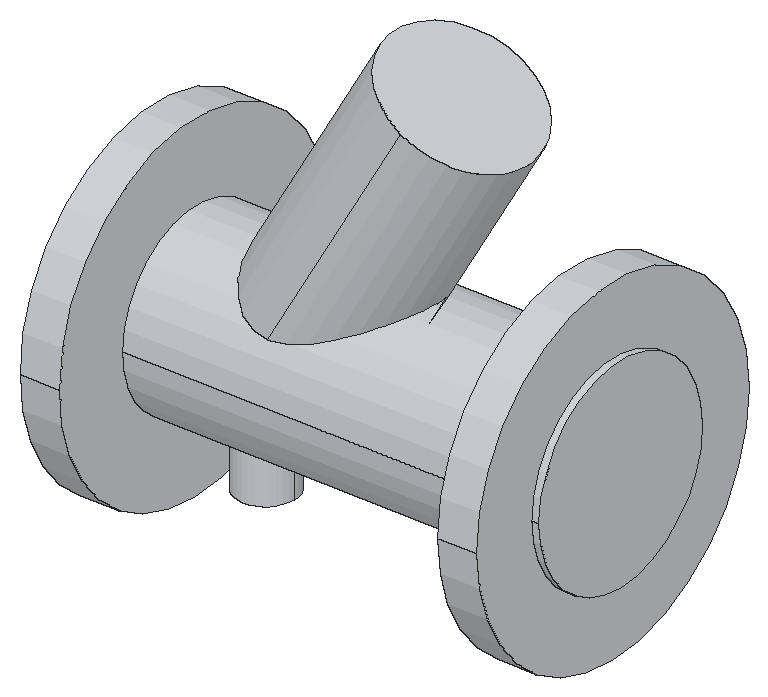
Revit family "HS 821-síto_jemné-PN16-DN050-RFA_2018", category Pipe Accessories, Revit 2018
Family settings
  Round Connector Dimension = Use Diameter
  Part Type = Breaks Into
  Work Plane-Based = No
  Always vertical = Yes
  Cut with Voids When Loaded = No
  Shared = No
Parameters (values of type "821A-DN050-PN16-síto_jemné")
  magiProductId = "8255d456a09e4f6486734f5dd9171b"
  magiProductFamilyId = "79214ac3aaa945e397802f559f5c1e"
  magiPartTypeId = 307
  isMeasuringValve [instance] = no
  ang2D [instance] = 0.00°
  ZB__ve = -ZB  # -26.75 mm
  ZB1 = 40.095 mm
  ZB = 26.75 mm
  X2 = 79.061 mm
  X1 = 32.2 mm
  W2D = 15 mm
  VersionID = "2.0/2017.9.26.1/ZETKAMA_821_001"
  Use Minimum Symbol Size [instance] = yes
  URL = "www.hydronix.cz"
  Type Comments = "Filtr přírubový; síto jemné; A-PN16 (-10~300°C); D-PN25 (-10~350°C); F-PN40 (-10~400°C)"
  S = 99 mm
  QmdConnectorList = "301;D;302;D"
  Productdata [instance] = ""
  Manufacturer = "Hydronix"
  MC Product Code = "210 150 (821A; DN050 PN16; kvs53,7; oko síta 0,63mm)"
  LM1 = 18.4 mm
  LM = 184 mm
  L4 = 57.5 mm
  L2D_Min = 3048 mm
  L2D = 130 mm
  L2 = 115 mm
  HH2 = 136.938 mm
  FD = 165 mm
  Description = "Filtr přírubový; síto jemné; 821A-PN16; 821D-PN25; 821F-PN40"
  DM1 = 73.8 mm
  DM = 89.1 mm
  D = 50 mm
  CC = 3.91 mm
  CAT0 = yes
  C1 = 19.09 mm
  C = 23 mm
  BD = 28.066 mm
Types (40, lengths in mm): name | magiProductId | ZB__ve | ZB1 | ZB | X2 | X1 | S | MC Product Code | LM1 | LM | L4 | L2 | HH2 | FD | DM1 | DM | D | CC | C1 | C | BD
  821A-DN015-PN16-síto_jemné | "a71bcfe8b393460598b23e8ddf7dc5" | -16.25 | 18.63 | 16.25 | 46.982 | 18.2 | 46 | "210 115 (821A; DN015; PN16; kvs6,2; oko síta 0,63mm)" | 10.4 | 104 | 32.5 | 65 | 81.375 | 95 | 27.6 | 41.4 | 15 | 2.21 | 10.79 | 13 | 13.041
  821A-DN020-PN16-síto_jemné | "41cd6c7a12924f4991217528336076" | -17.75 | 22.68 | 17.75 | 51.673 | 21 | 56 | "210 120 (821A; DN020; PN16; kvs9,6; oko síta 0,63mm)" | 12 | 120 | 37.5 | 75 | 89.5 | 105 | 33.6 | 50.4 | 20 | 2.55 | 12.45 | 15 | 15.876
  821A-DN025-PN16-síto_jemné | "be378b463ed14c3abf4c9b3ae8cf3a" | -19.25 | 26.325 | 19.25 | 58.601 | 22.4 | 65 | "210 125 (821A; DN025; PN16; kvs14,2; oko síta 0,63mm)" | 12.8 | 128 | 40 | 80 | 101.5 | 115 | 43.2 | 58.5 | 25 | 2.72 | 13.28 | 16 | 18.427
  821A-DN032-PN16-síto_jemné | "227a0d18b21540afabe8b6067d35fa" | -23 | 30.78 | 23 | 68.849 | 25.2 | 76 | "210 132 (821A; DN032; PN16; kvs23,1; oko síta 0,63mm)" | 14.4 | 144 | 45 | 90 | 119.25 | 140 | 50.4 | 68.4 | 32 | 3.06 | 14.94 | 18 | 21.546
  821A-DN040-PN16-síto_jemné | "d106917c74724141a10440112d0102" | -24.5 | 34.02 | 24.5 | 75.777 | 28 | 84 | "210 140 (821A; DN040; PN16; kvs36,6; oko síta 0,63mm)" | 16 | 160 | 50 | 100 | 131.25 | 150 | 60 | 75.6 | 40 | 3.4 | 16.6 | 20 | 23.814
  821A-DN050-PN16-síto_jemné | "8255d456a09e4f6486734f5dd9171b" | -26.75 | 40.095 | 26.75 | 79.061 | 32.2 | 99 | "210 150 (821A; DN050 PN16; kvs53,7; oko síta 0,63mm)" | 18.4 | 184 | 57.5 | 115 | 136.938 | 165 | 73.8 | 89.1 | 50 | 3.91 | 19.09 | 23 | 28.066
  821A-DN065-PN16-síto_jemné | "235b1b3e4c0843779a4d5e3716d40a" | -29.75 | 47.79 | 29.75 | 86.927 | 40.6 | 118 | "210 165 (821A; DN065; PN16; kvs95,1; oko síta 0,63mm)" | 23.2 | 232 | 72.5 | 145 | 150.562 | 185 | 94.2 | 106.2 | 65 | 4.93 | 24.07 | 29 | 33.453
  821A-DN080-PN16-síto_jemné | "a067f7c5236348ed8c820d16df7214" | -32 | 53.46 | 32 | 104.753 | 43.4 | 132 | "210 180 (821A; DN080; PN16; kvs137,1; oko síta 0,63mm)" | 24.8 | 248 | 77.5 | 155 | 181.438 | 200 | 107.4 | 118.8 | 80 | 5.27 | 25.73 | 31 | 37.422
  821A-DN100-PN16-síto_jemné | "c49a648c2747461285837d643703cd" | -35 | 63.18 | 35 | 114.857 | 49 | 156 | "210 190 (821A; DN100; PN16; kvs206,4; oko síta 0,63mm)" | 28 | 280 | 87.5 | 175 | 198.937 | 220 | 131.4 | 140.4 | 100 | 5.95 | 29.05 | 35 | 44.226
  821A-DN125-PN16-síto_jemné | "bf68e728a163493cbd2a663b26ebdc" | -39.5 | 74.52 | 39.5 | 131.888 | 56 | 184 | "210 191 (821A; DN125; PN16; kvs268,8; oko síta 0,63mm)" | 32 | 320 | 100 | 200 | 228.438 | 250 | 165 | 165.6 | 125 | 6.8 | 33.2 | 40 | 52.164
  821A-DN150-PN16-síto_jemné | "2de770284b654863ae6bc865769dc5" | -44.75 | 85.455 | 44.75 | 155.885 | 67.2 | 211 | "210 192 (821A; DN150; PN16; kvs401,4; oko síta 0,63mm)" | 38.4 | 384 | 120 | 240 | 270 | 285 | 192 | 189.9 | 150 | 8.16 | 39.84 | 48 | 59.818
  821A-DN200-PN16-síto_jemné | "8e5693371ab64aabb29a7f08c76e15" | -53 | 107.73 | 53 | 188.361 | 84 | 266 | "210 193 (821A; DN200; PN16; kvs706,7; oko síta 0,63mm)" | 48 | 480 | 150 | 300 | 326.25 | 340 | 252 | 239.4 | 200 | 10.2 | 49.8 | 60 | 75.411
  821A-DN250-PN16-síto_jemné | "05e37ed948c34047acdd4c42556504" | -62.75 | 129.195 | 62.75 | 255.911 | 102.2 | 319 | "210 194 (821A; DN250; PN16; kvs1229,4; oko síta 0,63mm)" | 58.4 | 584 | 182.5 | 365 | 443.25 | 405 | 309.6 | 287.1 | 250 | 12.41 | 60.59 | 73 | 90.436
  821A-DN300-PN16-síto_jemné | "9ad0af747269428da925480d83ce80" | -71 | 149.85 | 71 | 325.914 | 119 | 370 | "210 195 (821A; DN300; PN16; kvs1902,4; oko síta 0,63mm)" | 68 | 680 | 212.5 | 425 | 564.5 | 460 | 369.6 | 333 | 300 | 14.45 | 70.55 | 85 | 104.895
  821A-DN350-PN16-síto_jemné | "eebc71459bb3451bb4355e7951370a" | -80 | 173.745 | 80 | 356.875 | 137.2 | 429 | "200 196 (821A; DN350; PN16; kvs2611,0; oko síta 0,63mm)" | 78.4 | 784 | 245 | 490 | 618.125 | 520 | 438 | 386.1 | 350 | 16.66 | 81.34 | 98 | 121.621
  821A-DN400-PN16-síto_jemné | "d2f677cb196647e385b2590e7d8abe" | -89 | 194.4 | 89 | 392.237 | 154 | 480 | "210 197 (821A; DN400; PN16; kvs3438,4; oko síta 0,63mm)" | 88 | 880 | 275 | 550 | 679.375 | 580 | 498 | 432 | 400 | 18.7 | 91.3 | 110 | 136.08
  821D-DN015-PN25-síto_jemné | "27ddcbf555414f8ca1fde329bf9087" | -16.25 | 18.63 | 16.25 | 46.982 | 18.2 | 46 | "210 215 (821D; DN015; PN25; kvs6,2; oko síta 0,63mm)" | 10.4 | 104 | 32.5 | 65 | 81.375 | 95 | 27.6 | 41.4 | 15 | 2.21 | 10.79 | 13 | 13.041
  821D-DN020-PN25-síto_jemné | "270e0f14012f47189cd0235c18faee" | -17.75 | 22.68 | 17.75 | 51.673 | 21 | 56 | "210 220 (821D; DN020; PN25; kvs9,6; oko síta 0,63mm)" | 12 | 120 | 37.5 | 75 | 89.5 | 105 | 33.6 | 50.4 | 20 | 2.55 | 12.45 | 15 | 15.876
  821D-DN025-PN25-síto_jemné | "b9a7fb4aa36643878c637d8e1ab992" | -19.25 | 26.325 | 19.25 | 58.601 | 22.4 | 65 | "210 225 (821D; DN025; PN25; kvs14,2; oko síta 0,63mm)" | 12.8 | 128 | 40 | 80 | 101.5 | 115 | 43.2 | 58.5 | 25 | 2.72 | 13.28 | 16 | 18.427
  821D-DN032-PN25-síto_jemné | "6be9a55c4e68400f94eec7e804204c" | -23 | 30.78 | 23 | 68.849 | 25.2 | 76 | "210 232 (821D; DN032; PN25; kvs23,1; oko síta 0,63mm)" | 14.4 | 144 | 45 | 90 | 119.25 | 140 | 50.4 | 68.4 | 32 | 3.06 | 14.94 | 18 | 21.546
  821D-DN040-PN25-síto_jemné | "c54511bd7f584ec2984291479612cb" | -24.5 | 34.02 | 24.5 | 75.777 | 28 | 84 | "210 240 (821D; DN040; PN25; kvs36,6; oko síta 0,63mm)" | 16 | 160 | 50 | 100 | 131.25 | 150 | 60 | 75.6 | 40 | 3.4 | 16.6 | 20 | 23.814
  821D-DN050-PN25-síto_jemné | "5483b1f596b04cd39b23a14a22c90e" | -26.75 | 40.095 | 26.75 | 79.061 | 32.2 | 99 | "210 250 (821D; DN050; PN25; kvs53,7; oko síta 0,63mm)" | 18.4 | 184 | 57.5 | 115 | 136.938 | 165 | 73.8 | 89.1 | 50 | 3.91 | 19.09 | 23 | 28.066
  821D-DN065-PN25-síto_jemné | "767b0f8318e94750bc7a9930ed5b30" | -29.75 | 47.79 | 29.75 | 86.927 | 40.6 | 118 | "210 265 (821D; DN065; PN25; kvs95,1; oko síta 0,63mm)" | 23.2 | 232 | 72.5 | 145 | 150.562 | 185 | 94.2 | 106.2 | 65 | 4.93 | 24.07 | 29 | 33.453
  821D-DN080-PN25-síto_jemné | "e21040fa3cc2404b858198f6b73709" | -32 | 53.46 | 32 | 104.753 | 43.4 | 132 | "210 280 (821D; DN080; PN25; kvs137,1; oko síta 0,63mm)" | 24.8 | 248 | 77.5 | 155 | 181.438 | 200 | 107.4 | 118.8 | 80 | 5.27 | 25.73 | 31 | 37.422
  821D-DN100-PN25-síto_jemné | "175ca87a506b40b3bc6b82f12f33cf" | -37.25 | 63.18 | 37.25 | 114.857 | 49 | 156 | "210 290 (821D; DN100; PN25; kvs206,4; oko síta 0,63mm)" | 28 | 280 | 87.5 | 175 | 198.937 | 235 | 131.4 | 140.4 | 100 | 5.95 | 29.05 | 35 | 44.226
  821D-DN125-PN25-síto_jemné | "77cc98d60da24855999a22dff726b2" | -42.5 | 74.52 | 42.5 | 131.888 | 56 | 184 | "210 291 (821D; DN125; PN25; kvs268,8; oko síta 0,63mm)" | 32 | 320 | 100 | 200 | 228.438 | 270 | 165 | 165.6 | 125 | 6.8 | 33.2 | 40 | 52.164
  821D-DN150-PN25-síto_jemné | "9cf8acfcd15547d68e83172d3abcbe" | -47 | 85.455 | 47 | 155.885 | 67.2 | 211 | "210 292 (821D; DN150; PN25; kvs401,4; oko síta 0,63mm)" | 38.4 | 384 | 120 | 240 | 270 | 300 | 192 | 189.9 | 150 | 8.16 | 39.84 | 48 | 59.818
  821D-DN200-PN25-síto_jemné | "16973f3c9ea14389ba8602495a6b64" | -56 | 110.97 | 56 | 188.361 | 84 | 274 | "210 293 (821D; DN200; PN25; kvs706,7; oko síta 0,63mm)" | 48 | 480 | 150 | 300 | 326.25 | 360 | 252 | 246.6 | 200 | 10.2 | 49.8 | 60 | 77.679
  821F-DN015-PN40-síto_jemné | "4c7eaf3c4c0340888b3e684d8a8616" | -16.25 | 18.225 | 16.25 | 46.982 | 18.2 | 45 | "250 615 (821F; DN015; PN40; kvs6,2; oko síta 0,63mm)" | 10.4 | 104 | 32.5 | 65 | 81.375 | 95 | 27.6 | 40.5 | 15 | 2.21 | 10.79 | 13 | 12.757
  821F-DN020-PN40-síto_jemné | "aaac5f1ec96b44d6ba96ac2293d66d" | -17.75 | 23.49 | 17.75 | 51.673 | 21 | 58 | "250 620 (821F; DN020; PN40; kvs9,6; oko síta 0,63mm)" | 12 | 120 | 37.5 | 75 | 89.5 | 105 | 33.6 | 52.2 | 20 | 2.55 | 12.45 | 15 | 16.443
  821F-DN025-PN40-síto_jemné | "504768023968471481789485b54c7e" | -19.25 | 27.54 | 19.25 | 58.601 | 22.4 | 68 | "250 625 (821F; DN025; PN40; kvs14,2; oko síta 0,63mm)" | 12.8 | 128 | 40 | 80 | 101.5 | 115 | 43.2 | 61.2 | 25 | 2.72 | 13.28 | 16 | 19.278
  821F-DN032-PN40-síto_jemné | "165e7f39cf744f329bdf1c400dad12" | -23 | 31.59 | 23 | 68.849 | 25.2 | 78 | "250 632 (821F; DN032; PN40; kvs23,1; oko síta 0,63mm)" | 14.4 | 144 | 45 | 90 | 119.25 | 140 | 50.4 | 70.2 | 32 | 3.06 | 14.94 | 18 | 22.113
  821F-DN040-PN40-síto_jemné | "b8903f952089408fbf3a5a632bab1f" | -24.5 | 35.64 | 24.5 | 75.777 | 28 | 88 | "250 640 (821F; DN040; PN40; kvs36,6; oko síta 0,63mm)" | 16 | 160 | 50 | 100 | 131.25 | 150 | 60 | 79.2 | 40 | 3.4 | 16.6 | 20 | 24.948
  821F-DN050-PN40-síto_jemné | "c451f97266fe48da8f879cb6a2bd44" | -26.75 | 41.31 | 26.75 | 79.061 | 32.2 | 102 | "250 650 (821F; DN050; PN40; kvs53,7; oko síta 0,63mm)" | 18.4 | 184 | 57.5 | 115 | 136.938 | 165 | 73.8 | 91.8 | 50 | 3.91 | 19.09 | 23 | 28.917
  821F-DN065-PN40-síto_jemné | "dc9821e3f9b34e128f6a8c6b34c198" | -29.75 | 49.41 | 29.75 | 86.927 | 40.6 | 122 | "250 665 (821F; DN065; PN40; kvs95,1; oko síta 0,63mm)" | 23.2 | 232 | 72.5 | 145 | 150.562 | 185 | 94.2 | 109.8 | 65 | 4.93 | 24.07 | 29 | 34.587
  821F-DN080-PN40-síto_jemné | "689aa1e260f84cf4994f027a1d86b5" | -32 | 55.89 | 32 | 104.753 | 43.4 | 138 | "250 680 (821F; DN080; PN40; kvs137,1; oko síta 0,63mm)" | 24.8 | 248 | 77.5 | 155 | 181.438 | 200 | 107.4 | 124.2 | 80 | 5.27 | 25.73 | 31 | 39.123
  821F-DN100-PN40-síto_jemné | "8a45d4e8e2ab425f8c432f21d684f3" | -37.25 | 65.61 | 37.25 | 114.857 | 49 | 162 | "250 690 (821F; DN100; PN40; kvs206,4; oko síta 0,63mm)" | 28 | 280 | 87.5 | 175 | 198.937 | 235 | 131.4 | 145.8 | 100 | 5.95 | 29.05 | 35 | 45.927
  821F-DN125-PN40-síto_jemné | "cf073904c006406b8645afa67ea2fc" | -42.5 | 76.14 | 42.5 | 131.888 | 56 | 188 | "250 691 (821F; DN125; PN40; kvs268,8; oko síta 0,63mm)" | 32 | 320 | 100 | 200 | 228.438 | 270 | 165 | 169.2 | 125 | 6.8 | 33.2 | 40 | 53.298
  821F-DN150-PN40-síto_jemné | "0153b9ddabe14992a630484929fdbc" | -47 | 88.29 | 47 | 155.885 | 67.2 | 218 | "250 692 (821F; DN150; PN40; kvs401,4; oko síta 0,63mm)" | 38.4 | 384 | 120 | 240 | 270 | 300 | 192 | 196.2 | 150 | 8.16 | 39.84 | 48 | 61.803
  821F-DN200-PN40-síto_jemné | "7fb3fc01dd8d42428c203e3f8dd4d5" | -56 | 115.425 | 56 | 188.361 | 84 | 285 | "250 693 (821F; DN200; PN40; kvs706,7; oko síta 0,63mm)" | 48 | 480 | 150 | 300 | 326.25 | 360 | 252 | 256.5 | 200 | 10.2 | 49.8 | 60 | 80.797
Reference planes
  plane 1 "Center (Front/Back)": y = 0
  plane 2 "XYPLANE": z = 0
  plane 3 "Center (Left/Right)": x = 0
  plane 4 "109": x = -73.6
  plane 5 "108": x = 92
  plane 6 "107": x = -92
  plane 7 "105": x = 115
  plane 8 "104": x = -115
  plane 9 "103": y = 0
  plane 10 "102": z = 0
  plane 11 "101": x = -111.09
  plane 12 "100": x = 111.09
  plane 13 "11": x = -41.4
  plane 14 "10": z = 136.938
  plane 15 "9": x = 37.661
  plane 16 "5": z = -40.095
  plane 17 "4": x = -57.5
  plane 18 "1": x = 57.5
Forms (mm)
  Extrusion 1, solid, visible <- "CAT0"
    sketch origin (-92, -750, 0) x (0, 1, 0) y (0, 0, 1)
      loop
        circle (750, 0) r 44.55
    from 0 to 184 <- "LM"
  Extrusion 2, solid
    sketch origin (-115, -750, 0) x (0, 1, 0) y (0, 0, 1)
      loop
        circle (750, 0) r 49.5
    from 0 to 3.91 <- "CC"
  Extrusion 3, solid
    sketch origin (-111.09, -750, 0) x (0, 1, 0) y (0, 0, 1)
      loop
        circle (750, 0) r 82.5
    from 0 to 19.09 <- "C1"
  Extrusion 4, solid
    sketch origin (92, -750, 0) x (0, 1, 0) y (0, 0, 1)
      loop
        circle (750, 0) r 82.5
    from 0 to 19.09 <- "C1"
  Extrusion 5, solid
    sketch origin (111.09, -750, 0) x (0, 1, 0) y (0, 0, 1)
      loop
        circle (750, 0) r 49.5
    from 0 to 3.91 <- "CC"
  Sweep 6, solid, visible <- "CAT0"
    path origin (750, 0, 0) x (-1, 0, 0) y (0, 0, 1)
      loop
        line (842, 0) -> (791.4, 0) -> (712.339, 136.938)
    profile origin (-92, 0, 0) x (0, 0, -1) y (0, 1, 0)
      loop
        circle (0, 0) r 36.9
  Extrusion 7, solid, visible <- "CAT0"
    sketch origin (-750, 0, -40.095) x (1, 0, 0) y (0, 1, 0)
      loop
        circle (692.5, 0) r 14.033
    from 0 to -26.75 <- "ZB__ve"
  Extrusion 8, solid, visible <- "CAT0"
    sketch origin (-750, 0, -40.095) x (1, 0, 0) y (0, 1, 0)
      loop
        circle (807.5, 0) r 14.033
    from 0 to -26.75 <- "ZB__ve"
  Extrusion 9, solid, not visible
    sketch origin (115, -750, 0) x (0, 1, 0) y (0, 0, 1)
      loop
        circle (750, 0) r 10
    from 0 to -10
  Extrusion 10, solid, not visible
    sketch origin (-115, -750, 0) x (0, 1, 0) y (0, 0, 1)
      loop
        circle (750, 0) r 10
    from 0 to 10
Lines and regions (mm)
  reference lines, not visible
    curve 1: circle (2, 2, 0) r 1 normal (0, 0, 1)
Dimensions and locks
  plane 1 "Center (Front/Back)" to curve 1 = 2 mm
  "LM1": plane 6 "107" to plane 4 "109"
  "LM": plane 6 "107" to plane 5 "108"
  "C": plane 8 "104" to plane 6 "107"
  "L2": plane 3 "Center (Left/Right)" to plane 7 "105"
  "L2": plane 3 "Center (Left/Right)" to plane 8 "104"
  locked: plane 1 "Center (Front/Back)" to plane 9 "103"
  locked: plane 2 "XYPLANE" to plane 10 "102"
  "CC": plane 8 "104" to plane 11 "101"
  "C1": plane 5 "108" to plane 12 "100"
  "X1": plane 4 "109" to plane 13 "11"
  "HH2": plane 2 "XYPLANE" to plane 14 "10"
  "X2": plane 13 "11" to plane 15 "9"
  "ZB1": plane 2 "XYPLANE" to plane 16 "5"
  "L4": plane 8 "104" to plane 17 "4"
  "L2": plane 17 "4" to plane 18 "1"
  Sweep 6 sketch curve to Sweep 6 sketch curve = 0 mm  (x2)
  "DM": diameter of Extrusion 1 sketch curve
  "S": diameter of Extrusion 2 sketch curve
  "FD": diameter of Extrusion 3 sketch curve
  "FD": diameter of Extrusion 4 sketch curve
  "S": diameter of Extrusion 5 sketch curve
  "DM1": diameter of Sweep 6 sketch curve
  "BD": diameter of Extrusion 7 sketch curve
  "BD": diameter of Extrusion 8 sketch curve
  aligned and locked: level to plane 2 "XYPLANE"
  aligned and locked: Extrusion 1 sketch curve to plane 9 "103"
  aligned and locked: plane 10 "102" to Extrusion 1 sketch curve
  aligned and locked: Extrusion 2 sketch curve to plane 9 "103"
  aligned and locked: plane 10 "102" to Extrusion 2 sketch curve
  aligned and locked: Extrusion 3 sketch curve to plane 9 "103"
  aligned and locked: plane 10 "102" to Extrusion 3 sketch curve
  aligned and locked: Extrusion 4 sketch curve to plane 9 "103"
  aligned and locked: plane 10 "102" to Extrusion 4 sketch curve
  aligned and locked: Extrusion 5 sketch curve to plane 9 "103"
  aligned and locked: plane 10 "102" to Extrusion 5 sketch curve
  aligned and locked: Sweep 6 sketch curve to plane 9 "103"
  aligned and locked: plane 10 "102" to Sweep 6 sketch curve  (x3)
  aligned and locked: plane 6 "107" to Sweep 6 sketch curve
  aligned and locked: plane 13 "11" to Sweep 6 sketch curve
  aligned and locked: plane 14 "10" to Sweep 6 sketch curve
  aligned and locked: plane 15 "9" to Sweep 6 sketch curve
  aligned and locked: plane 9 "103" to Extrusion 7 sketch curve
  aligned and locked: plane 17 "4" to Extrusion 7 sketch curve
  aligned and locked: plane 9 "103" to Extrusion 8 sketch curve
  aligned and locked: plane 18 "1" to Extrusion 8 sketch curve
  aligned and locked: Extrusion 9 sketch curve to plane 9 "103"
  aligned and locked: plane 10 "102" to Extrusion 9 sketch curve
  aligned and locked: Extrusion 10 sketch curve to plane 9 "103"
  aligned and locked: plane 10 "102" to Extrusion 10 sketch curve
Automatic sketch dimensions
  plane 1 "Center (Front/Back)" to Extrusion 9 sketch curve = 10 mm
  plane 1 "Center (Front/Back)" to Extrusion 10 sketch curve = 10 mm
  plane 3 "Center (Left/Right)" to curve 1 = 2 mm
  radius of curve 1 = 1 mm
Connectors
  piping at (-115, 0, 0), diameter 50, driven by "D"
    settings: on Extrusion 10, index 1, connector inside diameter 609.6 mm, connector length 0 mm, flow factor 0, pipe flow 0.0 L/s, pressure drop 0.0 Pa, fitting loss kfactor 0, connector angle 0.00°, fixture units 0, engagement length 0 mm, angle of deflection 0.00°, flow configuration 0, flow direction 0, fitting loss method 0, system type 29, joint type 0, gender type 0, connector reference index 2, connector utility 0, adjustable connector no, is connector primary yes, connector description ""
  piping at (115, 0, 0), diameter 50, driven by "D"
    settings: on Extrusion 9, index 2, connector inside diameter 609.6 mm, connector length 0 mm, flow factor 0, pipe flow 0.0 L/s, pressure drop 0.0 Pa, fitting loss kfactor 0, connector angle 0.00°, fixture units 0, engagement length 0 mm, angle of deflection 0.00°, flow configuration 0, flow direction 0, fitting loss method 0, system type 29, joint type 0, gender type 0, connector reference index 1, connector utility 0, adjustable connector no, is connector primary no, connector description ""
